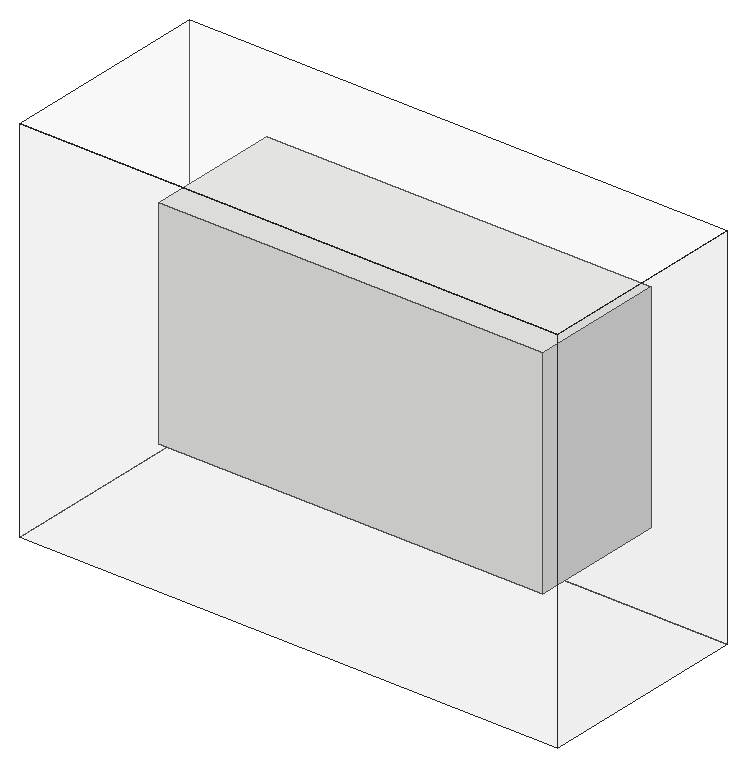
Revit family "wd-240bk2_60Hz", category 機械設備, Revit 2019
Family settings
  丸型コネクタ寸法 = 直径を使用
  パーツ タイプ = 標準
  OmniClass 番号 = 23.75.35.17.27
  OmniClass タイトル = Centrifugal Fans
  作業面ベース = いいえ
  常に垂直 = はい
  ロード時にボイドで切り取り = いいえ
  共有 = いいえ
  部屋計算ポイント = いいえ
Parameters (values of type "WD-240BK2")
  騒音レベル(dB(A)) [instance] = 48
  風量 [instance] = 195.0 m³/h
  電源種別 [instance] = ""
  電圧 = 200 V
  電動機出力 = 0 W
  電動機_種別 [instance] = ""
  運転質量 = 0.00 kg
  連動 [instance] = ""
  質量 = if(製品質量 > 運転質量, 製品質量, 運転質量) * 1.2  # 9.60 kg
  負荷分類 = 3_ファン類
  説明 = "バス乾燥・暖房・換気システム 浴室暖房機"
  設計風量 [instance] = 0.0 m³/h
  設置方法 = "壁付"
  記号 [instance] = ""
  製造元 = "三菱電機株式会社"
  製品質量 = 8.00 kg
  製品出荷対象 = "国内"
  製品リリース年月 = "2022年6月1日"
  製品グループ = ""
  系統 [instance] = ""
  符号 [instance] = if(☑給気／□排気, "FS", "FE")  # "FS"
  積算_科目 = "2 換気設備"
  積算_拾い区分 [instance] = ""
  相 = 1
  盤記号 [instance] = ""
  発停方法 [instance] = ""
  特殊仕様 [instance] = ""
  メンテナンススペース = yes
  火災停止 [instance] = ""
  消費電力 = 2310 W
  法定耐用年数 = "10"
  機外静圧 [instance] = 0.0 Pa
  極数 = 3
  材質 [instance] = ""
  操作・制御方式 = ""
  操作・制御スイッチ = ""
  排気量 [instance] = if(☑給気／□排気, 0.0 m³/h, 設計風量)  # 0.0 m³/h
  形式 = ""
  幹線記号 [instance] = ""
  対象室 [instance] = ""
  実風量 [instance] = 0.0 m³/h
  始動方式 [instance] = "直入"
  外気量 [instance] = if(☑給気／□排気, 設計風量, 0.0 m³/h)  # 0.0 m³/h
  呼称 = ""
  周波数 = 60 Hz
  参照している仕様書等のバージョン = ""
  分類コード = "50052503100080"
  分類グループ = ""
  価格 = 155200
  企業コード = "108420"
  付属品_防振装置 = ""
  付属品 [instance] = ""
  仕様書バージョン = "Version1.0"
  モデル = "WD-240BK2"
  マテリアル = 合成樹脂(白)
  ファンの種類 = ""
  コメント [instance] = ""
  Keynote = ""
  ☑給気／□排気 [instance] = yes
  Width = 498 mm
  W1 = 122 mm
  Version = ""
  Uniclass2015Version = "Systems v1.9"
  Uniclass2015Title = "Centrifugal fans"
  Uniclass2015Code = "Pr_65_67_29_12"
  URL = "https://www.mitsubishielectric.co.jp/ldg/wink/ssl/displayProduct.do?pid=320861"
  SpecificationReference = ""
  SpecificationDescription = ""
  Revision = ""
  ProductInformation = ""
  OmniClassCode = "23-33 31 19 11 15"
  MIN風量 = 100.0 m³/h
  MIN静圧 = 0.0 Pa
  MID風量 = 195.0 m³/h
  MID静圧 = 0.0 Pa
  MAX風量 = 195.0 m³/h
  MAX静圧 = 0.0 Pa
  IfcTypeProduct = ""
  IfcProduct = ""
  IfcExportType = "PROPELLORAXIAL"
  IfcExportAs = "IfcFanType"
  Height = 280 mm
  H1 = 106 mm
  Depth = 175 mm
  D1 = 135 mm
  Clearance Top = 100 mm
  Clearance Right = 100 mm
  Clearance Left = 100 mm
  Clearance Front = 100 mm
  Clearance Bottom = 100 mm
  Clearance Back = 0 mm
  Author = "三菱電機株式会社"
Reference planes
  plane 1 "中心(正面/背面)": y = 0
  plane 2: z = 0
  plane 3 "中心(左/右)": x = 0
  plane 4: x = 349
  plane 5: y = 0
  plane 6: y = -275
  plane 7: x = -249
  plane 8: x = 249
  plane 9: y = -175
  plane 10: z = 240
  plane 11: z = -140
  plane 12: x = -349
  plane 13: z = -240
  plane 14: y = -87.5
  plane 15: z = 140
Forms (mm)
  Extrusion 1, solid, material "合成樹脂(白)" <- "マテリアル", detail levels fine
    sketch origin (0, 0, 0) x (1, 0, 0) y (0, 1, 0)
      loop
        line (-249, 0) -> (-249, -175) -> (249, -175) -> (249, 0) -> (-249, 0)
    from -140 to 140
Dimensions and locks
  equal spacing: plane 7, plane 3 "中心(左/右)", plane 8
  "Width": plane 7 to plane 8
  "Clearance Left": plane 12 to plane 7
  "Depth": plane 1 "中心(正面/背面)" to plane 9
  "Clearance Front": plane 9 to plane 6
  "Clearance Back": plane 5 to plane 1 "中心(正面/背面)"
  "Clearance Right": plane 8 to plane 4
  "Clearance Bottom": plane 11 to plane 13
  equal spacing: plane 1 "中心(正面/背面)", plane 14, plane 9
  "Height": plane 15 to plane 11
  "Clearance Top": plane 10 to plane 15
  equal spacing: plane 15, level, plane 11
  aligned and locked: level to plane 2
  aligned and locked: plane 8 to Extrusion 1
  aligned and locked: Extrusion 1 to plane 9
  aligned and locked: Extrusion 1 to plane 7
  aligned and locked: Extrusion 1 to plane 11
  aligned and locked: Extrusion 1 to plane 1 "中心(正面/背面)"
  aligned and locked: plane 3 "中心(左/右)" to nested 1
  aligned and locked: nested 1 to plane 14
  aligned and locked: plane 15 to Extrusion 1
  aligned and locked: nested 2 to plane 6
  aligned and locked: nested 2 to plane 5
  aligned and locked: plane 12 to nested 2
  aligned and locked: plane 4 to nested 2
  aligned and locked: plane 13 to nested 2
  aligned and locked: plane 10 to nested 2
Automatic sketch dimensions
  Extrusion 1 sketch curve to plane 3 "中心(左/右)" = 249 mm
  plane 3 "中心(左/右)" to Extrusion 1 sketch curve = 249 mm
  plane 1 "中心(正面/背面)" to Extrusion 1 sketch curve = 175 mm
  Extrusion 1 sketch curve to plane 1 "中心(正面/背面)" = 0 mm
Nested families
  nested 1: "記号_天井換気扇_平面" at (0, -87.5, 0), type "記号_天井換気扇_平面", detail levels coarse+medium
  nested 2: "メンテナンススペース" at (0, -137.5, 0), visible <- "メンテナンススペース", type "メンテナンススペース"
    with Width 698 mm, Height 480 mm, Depth 275 mm
Connectors
  electrical at (0, 0, 0), driven by "極数", driven by "電圧", driven by "消費電力"
    settings: on Extrusion 1, index 1, voltage 200 V, apparent load 2310 VA, apparent load phase1 0 VA, apparent load phase2 0 VA, apparent load phase3 0 VA, power factor 1, load classification "その他", number of poles 3, system type 30, power factor state 1, is connector primary yes, connector utility no, sub classification motor no, connector description ""
Definition of nested family "メンテナンススペース"
  Parameters (values of type "メンテナンススペース")
    Width [instance] = 500 mm
    Height [instance] = 500 mm
    Depth [instance] = 500 mm
  Reference planes
    plane 1 "中心(正面/背面)": y = 0
    plane 2: z = 0
    plane 3 "中心(左/右)": x = 0
    plane 4: y = -250
    plane 5: x = 250
    plane 6: y = 250
    plane 7: x = -250
    plane 8: z = 250
    plane 9: z = -250
  Forms (mm)
    Extrusion 1, solid
      sketch origin (-638.939, 0, 72.39) x (1, 0, 0) y (0, 1, 0)
        loop
          line (388.939, 250) -> (388.939, -250) -> (888.939, -250) -> (888.939, 250) -> (388.939, 250)
      from -322.39 to 177.61
  Lines and regions (mm)
    symbolic lines
      curve 1: line (-250, 0, 250) -> (250, 0, 250)
      curve 2: line (-250, 0, -250) -> (-250, 0, 250)
      curve 3: line (250, 0, -250) -> (-250, 0, -250)
      curve 4: line (250, 0, 250) -> (250, 0, -250)
      curve 5: line (0, -250, 250) -> (0, 250, 250)
      curve 6: line (0, -250, -250) -> (0, -250, 250)
      curve 7: line (0, 250, -250) -> (0, -250, -250)
      curve 8: line (0, 250, 250) -> (0, 250, -250)
      curve 9: line (-250, 250, 0) -> (250, 250, 0)
      curve 10: line (-250, -250, 0) -> (-250, 250, 0)
      curve 11: line (250, -250, 0) -> (-250, -250, 0)
      curve 12: line (250, 250, 0) -> (250, -250, 0)
  Dimensions and locks
    equal spacing: plane 7, plane 3 "中心(左/右)", plane 5
    equal spacing: plane 4, plane 1 "中心(正面/背面)", plane 6
    "Depth": plane 4 to plane 6
    "Width": plane 7 to plane 5
    equal spacing: plane 8, plane 2, plane 9
    "Height": plane 8 to plane 9
    aligned and locked: plane 9 to curve 3
    aligned and locked: plane 7 to curve 2
    aligned and locked: curve 4 to plane 5
    aligned and locked: plane 5 to Extrusion 1
    aligned and locked: Extrusion 1 to plane 7
    aligned and locked: Extrusion 1 to plane 9
    aligned and locked: plane 8 to Extrusion 1
    aligned and locked: plane 9 to curve 7
  Automatic sketch dimensions
    plane 4 to Extrusion 1 sketch curve = 0 mm
    Extrusion 1 sketch curve to plane 7 = 0 mm
    Extrusion 1 sketch curve to plane 5 = 0 mm
    plane 6 to Extrusion 1 sketch curve = 0 mm
    curve 2 to plane 8 = 0 mm
    plane 4 to curve 11 = 0 mm
    curve 11 to plane 7 = 0 mm
    curve 11 to plane 5 = 0 mm
    plane 6 to curve 10 = 0 mm
    curve 7 to plane 4 = 0 mm
    curve 7 to plane 6 = 0 mm
    curve 6 to plane 8 = 0 mm
Definition of nested family "記号_天井換気扇_平面"
  Reference planes
    plane 1: y = 0
    plane 2: x = 0
  Lines and regions (mm)
    detail lines
      curve 1: line (-2.5, 2.5, 0) -> (2.5, 2.5, 0)
      curve 2: line (-2.5, -2.5, 0) -> (-2.5, 2.5, 0)
      curve 3: line (2.5, -2.5, 0) -> (-2.5, -2.5, 0)
      curve 4: line (2.5, 2.5, 0) -> (2.5, -2.5, 0)
      curve 5: circle (-1.04, -1.04, 0) r 1.46 normal (0, 0, 1)
      curve 6: circle (1.04, 1.04, 0) r 1.46 normal (0, 0, 1)
      curve 7: line (-3.125, 3.125, 0) -> (3.125, 3.125, 0)
      curve 8: line (-3.125, -3.125, 0) -> (-3.125, 3.125, 0)
      curve 9: line (3.125, -3.125, 0) -> (-3.125, -3.125, 0)
      curve 10: line (3.125, 3.125, 0) -> (3.125, -3.125, 0)
      curve 11: circle (1.295, 1.295, 0) r 1.83 normal (0, 0, 1)
      curve 12: circle (-1.295, -1.295, 0) r 1.83 normal (0, 0, 1)
      curve 13: line (-2, 2, 0) -> (2, 2, 0)
      curve 14: line (-2, -2, 0) -> (-2, 2, 0)
      curve 15: line (2, -2, 0) -> (-2, -2, 0)
      curve 16: line (2, 2, 0) -> (2, -2, 0)
      curve 17: circle (0.84, 0.84, 0) r 1.16 normal (0, 0, 1)
      curve 18: circle (-0.84, -0.84, 0) r 1.2 normal (0, 0, 1)
